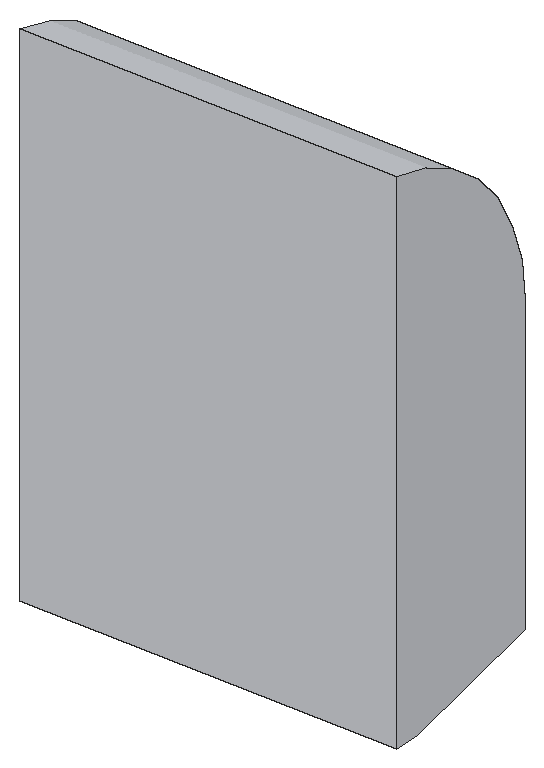
Revit family "DAN DRYER Stainless Design Mini Design 285", category Furniture Systems, host Wall, Revit 2018
Family settings
  Host = Wall
  Round Connector Dimension = Use Diameter
  Part Type = Normal
  Always vertical = Yes
  Cut with Voids When Loaded = No
  Shared = No
  Room Calculation Point = No
Parameters (values of type "Stål")
  Wicth = 338 mm
  URL = "http://www.dandryer.com/Files/Billeder/PDF/Datablade/Nye/Technical%20data%20sheet_%20285.pdf"
  Type Image = <None>
  Offset from Floor = 1000 mm
  Model = "Stainless design"
  Manufacturer = "http://www.dandryer.com/"
  Height = 460 mm
  Description = "STAINLESS DESIGN, Toilet roll holder art. no. 285"
  Cost = 0
Reference planes
  plane 1 "Wall": y = 0
  plane 2 "Center (Left/Right)": x = 125
  plane 3 "Back": y = 75
  plane 4 "Top": z = 1000
  plane 5 "Bund": z = 540
  plane 6: x = 294
  plane 7: x = -44
Forms (mm)
  Extrusion 1, solid
    sketch origin (125, 0, 0) x (0, 1, 0) y (0, 0, 1)
      loop
        line (75, 540) -> (97.679, 540) -> (219, 572.508) -> (219, 837.508)
        arc (219, 837.508) -> (177.82, 946.066) -> (75, 1000) r 163.68
        line (75, 1000) -> (75, 540)
    from -169 to 169
  Extrusion 2, solid
    sketch origin (125, 0, 0) x (0, 1, 0) y (0, 0, 1)
      loop
        line (197.861, 566.843) -> (133.494, 549.596) -> (134.27, 546.699) -> (198.637, 563.946) -> (197.861, 566.843)
    from -81.28 to 139.434
Text (mm)
  text "Placement Side" at (-1848.837, 1116.779, 0), in view "Ref. Level"
  text "Placement side" at (0, 1409.804, 2854.306), in view "Left"
  text "Placement side" at (0, 499.811, 2980.732), in view "Right"
Dimensions and locks
  locked: plane 3 "Back" to host wall
  "Height": plane 5 "Bund" to plane 4 "Top"
  equal spacing: plane 7, plane 2 "Center (Left/Right)", plane 6
  "Wicth": plane 7 to plane 6
  "Offset from Floor": level to plane 4 "Top"
  aligned and locked: plane 1 "Wall" to host wall
  aligned and locked: Extrusion 1 to plane 7
  aligned and locked: Extrusion 1 to plane 6
  aligned and locked: plane 4 "Top" to Extrusion 1 sketch curve
  aligned and locked: host wall to Extrusion 1 sketch curve
Automatic sketch dimensions
  Extrusion 1 sketch curve to plane 5 "Bund" = 0 mm
  Extrusion 1 sketch curve to host wall = 19.68 mm
  Extrusion 1 sketch curve to Extrusion 1 sketch curve = 22.679 mm
  plane 5 "Bund" to Extrusion 1 sketch curve = 32.508 mm
  Extrusion 1 sketch curve to Extrusion 1 sketch curve = 121.321 mm
  plane 5 "Bund" to Extrusion 2 sketch curve = 6.699 mm
  host wall to Extrusion 2 sketch curve = 59.27 mm
  plane 5 "Bund" to Extrusion 2 sketch curve = 23.946 mm
  plane 5 "Bund" to Extrusion 2 sketch curve = 9.596 mm
  Extrusion 2 sketch curve to Extrusion 2 sketch curve = 0.776 mm
